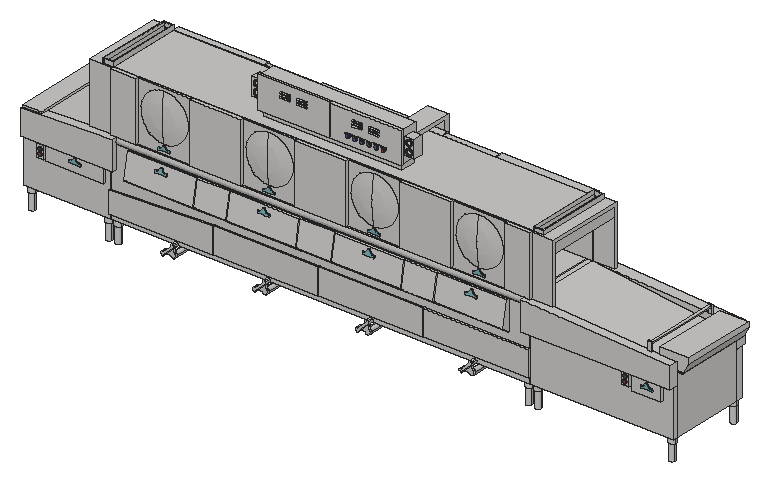
Revit family (continued)
Automatic sketch dimensions
  Extrusion 123 sketch curve to plane 91 "Drain CL" = 0' - 0"
  Sweep 126 sketch curve to plane 94 "Utility to Machine" = 0' - 0"
  Sweep 126 sketch curve to plane 92 "Utilities" = 0' - 0"
  Sweep 126 sketch curve to plane 95 "Utilities Point of Connection" = 0' - 0"
  Sweep 126 sketch curve to plane 12 "Bottom of Machine" = 0' - 0"
  plane 88 "Drain" to Sweep 126 sketch curve = 0' - 0 1/2"
  Sweep 126 sketch curve to Sweep 126 sketch curve = 0' - 0"  (x2)
  Sweep 126 sketch curve to plane 93 "Cold Water" = 0' - 0"
  profile plane to Sweep 126 sketch curve = 0' - 0"
  Sweep 127 sketch curve to plane 94 "Utility to Machine" = 0' - 0"
  Sweep 127 sketch curve to plane 92 "Utilities" = 0' - 0"
  Sweep 127 sketch curve to plane 95 "Utilities Point of Connection" = 0' - 0"
  Sweep 127 sketch curve to plane 12 "Bottom of Machine" = 0' - 0"
  plane 88 "Drain" to Sweep 127 sketch curve = 0' - 0 1/2"
  Sweep 127 sketch curve to Sweep 127 sketch curve = 0' - 0"  (x2)
  Sweep 127 sketch curve to plane 96 "Building Hot Water" = 0' - 0"
  profile plane to Sweep 127 sketch curve = 0' - 0"
  plane 5 "FRONT" to curve 43 = 0' - 0"
  plane 5 "FRONT" to curve 40 = 0' - 0"
  plane 5 "FRONT" to curve 45 = 0' - 0"
  plane 5 "FRONT" to curve 37 = 0' - 0"
  plane 5 "FRONT" to curve 141 = 0' - 0"
  plane 5 "FRONT" to curve 34 = 0' - 0"
  plane 5 "FRONT" to curve 140 = 0' - 0"
  curve 7 to plane 43 = 0' - 0"
  curve 8 to plane 14 "Left of Bottom" = 0' - 0"
  curve 21 to plane 15 "Right of Bottom" = 0' - 0"
  curve 3 to plane 54 = 0' - 0"
  curve 152 to plane 131 = 0' - 0"
  curve 165 to plane 132 = 0' - 0"
  curve 105 to plane 114 = 0' - 0"
  curve 127 to plane 123 = 0' - 0"
  curve 65 to plane 101 = 0' - 0"
  curve 108 to plane 113 = 0' - 0"
  curve 124 to plane 124 = 0' - 0"
  curve 146 to plane 102 = 0' - 0"
  curve 11 to plane 46 = 0' - 0"
  plane 22 "Front of Main Body" to curve 8 = 0' - 0"
  curve 35 to plane 146 = 0' - 0"
  curve 159 to plane 126 = 0' - 0"
  curve 129 to plane 117 = 0' - 0"
  curve 155 to plane 129 = 0' - 0"
  curve 147 to plane 125 = 0' - 0"
  curve 154 to plane 128 = 0' - 0"
  curve 111 to plane 110 = 0' - 0"
  curve 47 to plane 26 = 0' - 0"
  curve 48 to plane 27 = 0' - 0"
  curve 130 to plane 120 = 0' - 0"
  curve 100 to plane 107 = 0' - 0"
  curve 101 to plane 108 = 0' - 0"
  curve 131 to plane 121 = 0' - 0"
  curve 132 to plane 118 = 0' - 0"
  curve 71 to plane 99 = 0' - 0"
  curve 69 to plane 98 = 0' - 0"
  curve 16 to plane 8 "Load Vent" = 0' - 0"
  curve 17 to plane 3 "LEFT" = 0' - 0"
  curve 112 to plane 111 = 0' - 0"
  curve 24 to plane 4 "RIGHT" = 0' - 0"
  curve 24 to plane 9 "Unload Vent" = 0' - 0"
  plane 28 "Front of Inside" to curve 27 = 0' - 0"
  plane 28 "Front of Inside" to curve 22 = 0' - 0"
  plane 28 "Front of Inside" to curve 19 = 0' - 0"
  plane 28 "Front of Inside" to curve 95 = 0' - 0"
  plane 28 "Front of Inside" to curve 92 = 0' - 0"
  plane 28 "Front of Inside" to curve 90 = 0' - 0"
  curve 50 to plane 76 = 0' - 0"
  plane 81 "Front of Panel" to curve 50 = 0' - 0"
  curve 52 to plane 75 = 0' - 0"
  plane 80 to curve 52 = 0' - 0"
  curve 61 to plane 78 = 0' - 0"
  plane 86 "Front of LR Panels" to curve 61 = 0' - 0"
  curve 59 to plane 77 = 0' - 0"
  plane 86 "Front of LR Panels" to curve 59 = 0' - 0"
  curve 57 to plane 85 "Right of Control Box" = 0' - 0"
  plane 87 to curve 57 = 0' - 0"
  curve 60 to plane 84 = 0' - 0"
  plane 87 to curve 60 = 0' - 0"
  plane 79 "Back of Elec Box" to curve 55 = 0' - 0"
  plane 29 "Back of Inside" to curve 29 = 0' - 0"
  plane 29 "Back of Inside" to curve 13 = 0' - 0"
  plane 29 "Back of Inside" to curve 94 = 0' - 0"
  plane 29 "Back of Inside" to curve 91 = 0' - 0"
  plane 29 "Back of Inside" to curve 90 = 0' - 0"
  plane 29 "Back of Inside" to curve 89 = 0' - 0"
  plane 29 "Back of Inside" to curve 20 = 0' - 0"
  curve 170 to plane 136 = 0' - 0"
  curve 167 to plane 134 = 0' - 0"
  curve 167 to plane 133 = 0' - 0"
  curve 169 to plane 135 = 0' - 0"
  curve 5 to plane 15 "Right of Bottom" = 0' - 0"
  plane 21 "Back of Main Body" to curve 5 = 0' - 0"
  plane 21 "Back of Main Body" to curve 2 = 0' - 0"
  curve 76 to plane 14 "Left of Bottom" = 0' - 0"
  plane 1 "BACK" to curve 173 = 0' - 0"
  curve 86 to plane 57 = 0' - 0"
  curve 90 to plane 56 = 0' - 0"
  curve 89 to plane 58 = 0' - 0"
  curve 27 to plane 41 = 0' - 0"
  curve 141 to plane 142 = 0' - 0"
  curve 137 to plane 121 = 0' - 0"
  curve 135 to plane 120 = 0' - 0"
  curve 142 to plane 141 = 0' - 0"
  curve 139 to plane 147 = 0' - 0"
  curve 140 to plane 145 = 0' - 0"
  curve 32 to plane 140 = 0' - 0"
  curve 118 to plane 111 = 0' - 0"
  curve 116 to plane 110 = 0' - 0"
  curve 33 to plane 139 = 0' - 0"
  curve 37 to plane 144 = 0' - 0"
  curve 38 to plane 138 = 0' - 0"
  curve 75 to plane 99 = 0' - 0"
  curve 73 to plane 98 = 0' - 0"
  curve 39 to plane 137 = 0' - 0"
  curve 42 to plane 143 = 0' - 0"
  curve 43 to plane 32 = 0' - 0"
  curve 45 to plane 31 = 0' - 0"
  curve 162 to plane 129 = 0' - 0"
  curve 160 to plane 128 = 0' - 0"
  curve 45 to plane 30 = 0' - 0"
  curve 20 to plane 40 = 0' - 0"
  curve 94 to plane 44 = 0' - 0"
  curve 7 to plane 5 "FRONT" = 0' - 1"
  curve 21 to plane 5 "FRONT" = 0' - 1"
  plane 131 to curve 152 = 0' - 0 3/8"
  curve 152 to curve 151 = 0' - 1 1/8"
  curve 165 to plane 132 = 0' - 0 3/8"
  curve 165 to curve 163 = 0' - 1 1/8"
  curve 103 to plane 114 = 0' - 0 3/8"
  curve 103 to curve 103 = 0' - 1 1/8"
  curve 127 to plane 123 = 0' - 0 3/8"
  curve 127 to curve 125 = 0' - 1 1/8"
  curve 144 to plane 102 = 0' - 0 3/8"
  curve 144 to curve 144 = 0' - 1 1/8"
  curve 106 to plane 113 = 0' - 0 3/8"
  curve 106 to curve 106 = 0' - 1 1/8"
  curve 65 to plane 101 = 0' - 0 3/8"
  curve 65 to curve 63 = 0' - 1 1/8"
  curve 122 to plane 124 = 0' - 0 3/8"
  curve 122 to curve 122 = 0' - 1 1/8"
  curve 11 to curve 9 = 0' - 0 7/8"
  curve 35 to plane 22 "Front of Main Body" = 0' - 0.06488"
  curve 159 to plane 22 "Front of Main Body" = 0' - 0 3/4"
  curve 129 to plane 22 "Front of Main Body" = 0' - 0 3/4"
  curve 111 to plane 22 "Front of Main Body" = 0' - 0 3/4"
  curve 47 to plane 22 "Front of Main Body" = 0' - 0 3/4"
  curve 16 to plane 22 "Front of Main Body" = 0' - 0 3/4"
  curve 24 to plane 22 "Front of Main Body" = 0' - 0 3/4"
  curve 79 to curve 79 = 0' - 0 1/2"
  curve 81 to plane 29 "Back of Inside" = 0' - 0 1/2"
  curve 15 to plane 29 "Back of Inside" = 0' - 1"
  curve 30 to plane 29 "Back of Inside" = 0' - 1"
  curve 170 to curve 171 = 0' - 1"
  curve 167 to curve 168 = 0' - 1"
  curve 12 to curve 2 = 0' - 0 3/8"
  curve 99 to curve 3 = 0' - 1 1/2"
  plane 1 "BACK" to curve 6 = 0' - 1 1/2"
  plane 59 to curve 81 = 0' - 0 3/4"
  plane 59 to curve 79 = 0' - 0 3/4"
  curve 79 to curve 80 = 0' - 0 1/4"
  curve 84 to plane 59 = 0' - 0 1/2"
  curve 84 to curve 83 = 0' - 0 1/4"
  curve 84 to curve 78 = 0' - 0 1/4"
  plane 111 to curve 174 = 0' - 0 7/16"
  plane 109 to curve 173 = 0' - 3"
  Extrusion 175 sketch curve to plane 22 "Front of Main Body" = 0' - 0 3/4"
  Extrusion 176 sketch curve to plane 22 "Front of Main Body" = 0' - 0 3/4"
  Extrusion 177 sketch curve to plane 26 = 0' - 0"
  plane 22 "Front of Main Body" to Extrusion 177 sketch curve = 0' - 0 1/4"
  Extrusion 178 sketch curve to plane 26 = 0' - 0"
  plane 22 "Front of Main Body" to Extrusion 178 sketch curve = 0' - 0 1/4"
  Sweep 179 sketch curve to plane 22 "Front of Main Body" = 0' - 0"  (x2)
  plane 22 "Front of Main Body" to Sweep 179 sketch curve = 0' - 0 5/8"  (x2)
  Sweep 179 sketch curve to Sweep 179 sketch curve = 0' - 0 1/2"
  plane 13 "Middle of Machine" to Sweep 179 sketch curve = 0' - 7 3/16"
  Sweep 179 sketch curve to plane 37 = 0' - 3 11/16"
  Sweep 179 sketch curve to plane 102 = 0' - 0"
  Sweep 179 sketch curve to profile plane = 0' - 0"
  Extrusion 180 sketch curve to plane 27 = 0' - 0"
  plane 22 "Front of Main Body" to Extrusion 180 sketch curve = 0' - 0 1/4"
  Extrusion 181 sketch curve to plane 27 = 0' - 0"
  plane 22 "Front of Main Body" to Extrusion 181 sketch curve = 0' - 0 1/4"
  Sweep 182 sketch curve to plane 22 "Front of Main Body" = 0' - 0"  (x2)
  plane 22 "Front of Main Body" to Sweep 182 sketch curve = 0' - 0 5/8"  (x2)
  Sweep 182 sketch curve to Sweep 182 sketch curve = 0' - 0 1/2"
  plane 13 "Middle of Machine" to Sweep 182 sketch curve = 0' - 7 3/16"
  Sweep 182 sketch curve to plane 37 = 0' - 3 11/16"
  Sweep 182 sketch curve to plane 101 = 0' - 0"
  Sweep 182 sketch curve to profile plane = 0' - 0"
  Extrusion 183 sketch curve to plane 22 "Front of Main Body" = 0' - 0 3/4"
  Sweep 184 sketch curve to plane 94 "Utility to Machine" = 0' - 0"
  Sweep 184 sketch curve to plane 92 "Utilities" = 0' - 0"
  Sweep 184 sketch curve to plane 95 "Utilities Point of Connection" = 0' - 0"
  Sweep 184 sketch curve to plane 12 "Bottom of Machine" = 0' - 0"
  plane 88 "Drain" to Sweep 184 sketch curve = 0' - 0 1/2"
  plane 28 "Front of Inside" to Extrusion 185 sketch curve = 0' - 0"
  Extrusion 185 sketch curve to plane 22 "Front of Main Body" = 0' - 0 3/4"
  plane 5 "FRONT" to Revolve 186 sketch curve = 0' - 8"
  plane 22 "Front of Main Body" to Revolve 186 sketch curve = 0' - 0 1/4"
  Revolve 186 sketch curve to plane 22 "Front of Main Body" = 0' - 0 3/4"
  plane 87 to Revolve 186 sketch curve = 0' - 1 1/4"
  Revolve 186 sketch curve to plane 1 "BACK" = 0' - 8.74935"
  Revolve 186 sketch curve to plane 37 = 0' - 5.75174"  (x2)
  Revolve 186 sketch curve to plane 37 = 0' - 5.50167"
  plane 22 "Front of Main Body" to Extrusion 187 sketch curve = 0' - 0"
  Extrusion 187 sketch curve to plane 22 "Front of Main Body" = 0' - 0 3/4"
  plane 22 "Front of Main Body" to Extrusion 188 sketch curve = 0' - 0"
  Extrusion 188 sketch curve to plane 22 "Front of Main Body" = 0' - 0 3/4"
  Extrusion 189 sketch curve to plane 107 = 0' - 0"
  plane 22 "Front of Main Body" to Extrusion 189 sketch curve = 0' - 0 1/4"
  Extrusion 190 sketch curve to plane 107 = 0' - 0"
  plane 22 "Front of Main Body" to Extrusion 190 sketch curve = 0' - 0 1/4"
  Extrusion 191 sketch curve to plane 108 = 0' - 0"
  plane 22 "Front of Main Body" to Extrusion 191 sketch curve = 0' - 0 1/4"
  Extrusion 192 sketch curve to plane 108 = 0' - 0"
  plane 22 "Front of Main Body" to Extrusion 192 sketch curve = 0' - 0 1/4"
  Sweep 193 sketch curve to plane 22 "Front of Main Body" = 0' - 0"  (x2)
  plane 22 "Front of Main Body" to Sweep 193 sketch curve = 0' - 0 5/8"  (x2)
  Sweep 193 sketch curve to Sweep 193 sketch curve = 0' - 0 1/2"
  plane 13 "Middle of Machine" to Sweep 193 sketch curve = 0' - 7 3/16"
  Sweep 193 sketch curve to plane 37 = 0' - 3 11/16"
  Sweep 193 sketch curve to plane 114 = 0' - 0"
  Sweep 193 sketch curve to profile plane = 0' - 0"
  Sweep 194 sketch curve to plane 22 "Front of Main Body" = 0' - 0"  (x2)
  plane 22 "Front of Main Body" to Sweep 194 sketch curve = 0' - 0 5/8"  (x2)
  Sweep 194 sketch curve to Sweep 194 sketch curve = 0' - 0 1/2"
  plane 13 "Middle of Machine" to Sweep 194 sketch curve = 0' - 7 3/16"
  Sweep 194 sketch curve to plane 37 = 0' - 3 11/16"
  Sweep 194 sketch curve to plane 113 = 0' - 0"
  Sweep 194 sketch curve to profile plane = 0' - 0"
  plane 22 "Front of Main Body" to Extrusion 195 sketch curve = 0' - 0"
  Extrusion 195 sketch curve to plane 22 "Front of Main Body" = 0' - 0 3/4"
  Extrusion 196 sketch curve to plane 20 = 0' - 0"
  Extrusion 196 sketch curve to plane 19 = 0' - 0"
  plane 28 "Front of Inside" to Extrusion 197 sketch curve = 0' - 0"
  Extrusion 197 sketch curve to plane 22 "Front of Main Body" = 0' - 0 3/4"
  plane 5 "FRONT" to Revolve 198 sketch curve = 0' - 8"
  plane 22 "Front of Main Body" to Revolve 198 sketch curve = 0' - 0 1/4"
  Revolve 198 sketch curve to plane 22 "Front of Main Body" = 0' - 0 3/4"
  plane 87 to Revolve 198 sketch curve = 0' - 1 1/4"
  Revolve 198 sketch curve to plane 1 "BACK" = 0' - 8.74935"
  Revolve 198 sketch curve to plane 37 = 0' - 5.75174"  (x2)
  Revolve 198 sketch curve to plane 37 = 0' - 5.50167"
  plane 22 "Front of Main Body" to Extrusion 199 sketch curve = 0' - 0"
  Extrusion 199 sketch curve to plane 22 "Front of Main Body" = 0' - 0 3/4"
  plane 22 "Front of Main Body" to Extrusion 200 sketch curve = 0' - 0"
  Extrusion 200 sketch curve to plane 22 "Front of Main Body" = 0' - 0 3/4"
  Extrusion 201 sketch curve to plane 117 = 0' - 0"
  plane 22 "Front of Main Body" to Extrusion 201 sketch curve = 0' - 0 1/4"
  Extrusion 202 sketch curve to plane 117 = 0' - 0"
  plane 22 "Front of Main Body" to Extrusion 202 sketch curve = 0' - 0 1/4"
  Extrusion 203 sketch curve to plane 118 = 0' - 0"
  plane 22 "Front of Main Body" to Extrusion 203 sketch curve = 0' - 0 1/4"
  Extrusion 204 sketch curve to plane 118 = 0' - 0"
  plane 22 "Front of Main Body" to Extrusion 204 sketch curve = 0' - 0 1/4"
  Sweep 205 sketch curve to plane 22 "Front of Main Body" = 0' - 0"  (x2)
  plane 22 "Front of Main Body" to Sweep 205 sketch curve = 0' - 0 5/8"  (x2)
  Sweep 205 sketch curve to Sweep 205 sketch curve = 0' - 0 1/2"
  plane 13 "Middle of Machine" to Sweep 205 sketch curve = 0' - 7 3/16"
  Sweep 205 sketch curve to plane 37 = 0' - 3 11/16"
  Sweep 205 sketch curve to plane 124 = 0' - 0"
  Sweep 205 sketch curve to profile plane = 0' - 0"
  Sweep 206 sketch curve to plane 22 "Front of Main Body" = 0' - 0"  (x2)
  plane 22 "Front of Main Body" to Sweep 206 sketch curve = 0' - 0 5/8"  (x2)
  Sweep 206 sketch curve to Sweep 206 sketch curve = 0' - 0 1/2"
  plane 13 "Middle of Machine" to Sweep 206 sketch curve = 0' - 7 3/16"
  Sweep 206 sketch curve to plane 37 = 0' - 3 11/16"
  Sweep 206 sketch curve to plane 123 = 0' - 0"
  Sweep 206 sketch curve to profile plane = 0' - 0"
  plane 22 "Front of Main Body" to Extrusion 207 sketch curve = 0' - 0"
  Extrusion 207 sketch curve to plane 22 "Front of Main Body" = 0' - 0 3/4"
  plane 22 "Front of Main Body" to Extrusion 208 sketch curve = 0' - 0"
  plane 28 "Front of Inside" to Extrusion 208 sketch curve = 0' - 0"
  Extrusion 219 sketch curve to plane 24 = 0' - 0"
  plane 24 to Extrusion 219 sketch curve = 0' - 0.00035"
  plane 99 to Extrusion 219 sketch curve = 0' - 0.35719"
  plane 99 to Extrusion 219 sketch curve = 0' - 0.54876"
  plane 101 to Extrusion 219 sketch curve = 0' - 0.50556"
  plane 101 to Extrusion 219 sketch curve = 0' - 0.8056"
  Extrusion 219 sketch curve to Extrusion 219 sketch curve = 0' - 0.00341"  (x2)
  Extrusion 219 sketch curve to Extrusion 219 sketch curve = 0' - 0.25142"  (x2)
  Extrusion 219 sketch curve to plane 98 = 0' - 0.36211"
  Extrusion 219 sketch curve to Extrusion 219 sketch curve = 0' - 0"
  Extrusion 219 sketch curve to plane 98 = 0' - 0.54876"
  Extrusion 219 sketch curve to plane 102 = 0' - 0.50556"
  Extrusion 219 sketch curve to plane 102 = 0' - 0.8056"
  plane 47 to Extrusion 219 sketch curve = 0' - 1.17016"
  plane 13 "Middle of Machine" to Extrusion 219 sketch curve = 0' - 0.94635"  (x2)
  plane 13 "Middle of Machine" to Extrusion 219 sketch curve = 0' - 1.02958"
  Extrusion 219 sketch curve to Extrusion 219 sketch curve = 0' - 0.48493"  (x2)
  Extrusion 219 sketch curve to Extrusion 219 sketch curve = 0' - 1.96861"
  plane 28 "Front of Inside" to Extrusion 220 sketch curve = 0' - 0"
  Extrusion 220 sketch curve to plane 22 "Front of Main Body" = 0' - 0 3/4"
  plane 5 "FRONT" to Revolve 221 sketch curve = 0' - 8"
  plane 22 "Front of Main Body" to Revolve 221 sketch curve = 0' - 0 1/4"
  Revolve 221 sketch curve to plane 22 "Front of Main Body" = 0' - 0 3/4"
  plane 87 to Revolve 221 sketch curve = 0' - 1 1/4"
  Revolve 221 sketch curve to plane 1 "BACK" = 0' - 8.74935"
  Revolve 221 sketch curve to plane 37 = 0' - 5.75174"  (x2)
  Revolve 221 sketch curve to plane 37 = 0' - 5.50167"
  plane 22 "Front of Main Body" to Extrusion 222 sketch curve = 0' - 0"
  Extrusion 222 sketch curve to plane 22 "Front of Main Body" = 0' - 0 3/4"
  plane 22 "Front of Main Body" to Extrusion 223 sketch curve = 0' - 0"
  Extrusion 223 sketch curve to plane 22 "Front of Main Body" = 0' - 0 3/4"
  Extrusion 224 sketch curve to plane 125 = 0' - 0"
  plane 22 "Front of Main Body" to Extrusion 224 sketch curve = 0' - 0 1/4"
  Extrusion 225 sketch curve to plane 125 = 0' - 0"
  plane 22 "Front of Main Body" to Extrusion 225 sketch curve = 0' - 0 1/4"
  Sweep 226 sketch curve to plane 22 "Front of Main Body" = 0' - 0"  (x2)
  plane 22 "Front of Main Body" to Sweep 226 sketch curve = 0' - 0 5/8"  (x2)
  Sweep 226 sketch curve to Sweep 226 sketch curve = 0' - 0 1/2"
  plane 13 "Middle of Machine" to Sweep 226 sketch curve = 0' - 7 3/16"
  Sweep 226 sketch curve to plane 37 = 0' - 3 11/16"
  Sweep 226 sketch curve to plane 132 = 0' - 0"
  Sweep 226 sketch curve to profile plane = 0' - 0"
  Extrusion 227 sketch curve to plane 126 = 0' - 0"
  plane 22 "Front of Main Body" to Extrusion 227 sketch curve = 0' - 0 1/4"
  Extrusion 228 sketch curve to plane 126 = 0' - 0"
  plane 22 "Front of Main Body" to Extrusion 228 sketch curve = 0' - 0 1/4"
  Sweep 229 sketch curve to plane 22 "Front of Main Body" = 0' - 0"  (x2)
  plane 22 "Front of Main Body" to Sweep 229 sketch curve = 0' - 0 5/8"  (x2)
  Sweep 229 sketch curve to Sweep 229 sketch curve = 0' - 0 1/2"
  plane 13 "Middle of Machine" to Sweep 229 sketch curve = 0' - 7 3/16"
  Sweep 229 sketch curve to plane 37 = 0' - 3 11/16"
  Sweep 229 sketch curve to plane 131 = 0' - 0"
  Sweep 229 sketch curve to profile plane = 0' - 0"
  plane 22 "Front of Main Body" to Extrusion 230 sketch curve = 0' - 0"
  Extrusion 230 sketch curve to plane 22 "Front of Main Body" = 0' - 0 3/4"
  Extrusion 231 sketch curve to plane 23 = 0' - 0"
  plane 23 to Extrusion 231 sketch curve = 0' - 0.00035"
  plane 129 to Extrusion 231 sketch curve = 0' - 0.35719"
  plane 129 to Extrusion 231 sketch curve = 0' - 0.54876"
  plane 131 to Extrusion 231 sketch curve = 0' - 0.50556"
  plane 131 to Extrusion 231 sketch curve = 0' - 0.8056"
  Extrusion 231 sketch curve to Extrusion 231 sketch curve = 0' - 0.00341"  (x2)
  Extrusion 231 sketch curve to Extrusion 231 sketch curve = 0' - 0.25142"  (x2)
  Extrusion 231 sketch curve to plane 128 = 0' - 0.36211"
  Extrusion 231 sketch curve to Extrusion 231 sketch curve = 0' - 0"
  Extrusion 231 sketch curve to plane 128 = 0' - 0.54876"
  Extrusion 231 sketch curve to plane 132 = 0' - 0.50556"
  Extrusion 231 sketch curve to plane 132 = 0' - 0.8056"
  plane 47 to Extrusion 231 sketch curve = 0' - 1.17016"
  plane 13 "Middle of Machine" to Extrusion 231 sketch curve = 0' - 0.94635"  (x2)
  plane 13 "Middle of Machine" to Extrusion 231 sketch curve = 0' - 1.02958"
  Extrusion 231 sketch curve to Extrusion 231 sketch curve = 0' - 0.48493"  (x2)
  Extrusion 231 sketch curve to Extrusion 231 sketch curve = 0' - 1.96861"
  Extrusion 232 sketch curve to plane 105 = 0' - 0"
  plane 105 to Extrusion 232 sketch curve = 0' - 0.00035"
  plane 111 to Extrusion 232 sketch curve = 0' - 0.35719"
  plane 111 to Extrusion 232 sketch curve = 0' - 0.54876"
  plane 113 to Extrusion 232 sketch curve = 0' - 0.50556"
  Extrusion 232 sketch curve to plane 135 = 0' - 0.5069"
  Extrusion 232 sketch curve to plane 135 = 0' - 0.50349"
  Extrusion 232 sketch curve to Extrusion 232 sketch curve = 0' - 0.25142"  (x2)
  Extrusion 232 sketch curve to plane 110 = 0' - 0.36211"
  Extrusion 232 sketch curve to Extrusion 232 sketch curve = 0' - 0"
  Extrusion 232 sketch curve to plane 110 = 0' - 0.54876"
  Extrusion 232 sketch curve to plane 114 = 0' - 0.50556"
  Extrusion 232 sketch curve to plane 114 = 0' - 0.8056"
  Extrusion 232 sketch curve to Extrusion 232 sketch curve = 0' - 0.00341"
  plane 47 to Extrusion 232 sketch curve = 0' - 1.17016"
  plane 13 "Middle of Machine" to Extrusion 232 sketch curve = 0' - 0.94635"  (x2)
  plane 13 "Middle of Machine" to Extrusion 232 sketch curve = 0' - 1.02958"
  Extrusion 232 sketch curve to Extrusion 232 sketch curve = 0' - 0.48493"  (x2)
  Extrusion 232 sketch curve to Extrusion 232 sketch curve = 0' - 1.96861"
  plane 29 "Back of Inside" to Extrusion 233 sketch curve = 0' - 0"
  plane 21 "Back of Main Body" to Extrusion 233 sketch curve = 0' - 1"
  Revolve 234 sketch curve to plane 21 "Back of Main Body" = 0' - 0"
  Revolve 234 sketch curve to plane 1 "BACK" = 0' - 7 3/4"
  Revolve 234 sketch curve to Revolve 234 sketch curve = 0' - 1"
  Revolve 234 sketch curve to plane 94 "Utility to Machine" = 0' - 4"
  plane 5 "FRONT" to Revolve 234 sketch curve = 0' - 8.99935"
  Revolve 234 sketch curve to plane 10 "Top of Machine" = 0' - 1.00174"
  Revolve 234 sketch curve to Revolve 234 sketch curve = 0' - 9.74993"
  Revolve 234 sketch curve to plane 37 = 0' - 5.75174"
  plane 29 "Back of Inside" to Extrusion 235 sketch curve = 0' - 0"
  plane 21 "Back of Main Body" to Extrusion 235 sketch curve = 0' - 1"
  Revolve 236 sketch curve to plane 21 "Back of Main Body" = 0' - 0"
  Revolve 236 sketch curve to plane 1 "BACK" = 0' - 7 3/4"
  Revolve 236 sketch curve to Revolve 236 sketch curve = 0' - 1"
  Revolve 236 sketch curve to plane 94 "Utility to Machine" = 0' - 4"
  plane 5 "FRONT" to Revolve 236 sketch curve = 0' - 8.99935"
  Revolve 236 sketch curve to plane 10 "Top of Machine" = 0' - 1.00174"
  Revolve 236 sketch curve to Revolve 236 sketch curve = 0' - 9.74993"
  Revolve 236 sketch curve to plane 37 = 0' - 5.75174"
  Extrusion 237 sketch curve to plane 68 = 0' - 0"
  Extrusion 237 sketch curve to plane 79 "Back of Elec Box" = 0' - 0"
  Extrusion 237 sketch curve to plane 21 "Back of Main Body" = 0' - 0"
  Extrusion 237 sketch curve to plane 1 "BACK" = 0' - 0"
  Extrusion 237 sketch curve to plane 21 "Back of Main Body" = 0' - 1 1/4"
  Extrusion 237 sketch curve to plane 49 = 0' - 3 3/4"
  Extrusion 237 sketch curve to Extrusion 237 sketch curve = 0' - 1 3/4"
  Extrusion 237 sketch curve to plane 69 = 0' - 1 1/8"
  plane 29 "Back of Inside" to Extrusion 238 sketch curve = 0' - 0"
  plane 21 "Back of Main Body" to Extrusion 238 sketch curve = 0' - 0"
  Extrusion 238 sketch curve to plane 135 = 0' - 0"
  Extrusion 238 sketch curve to plane 134 = 0' - 0"
  plane 106 to Extrusion 239 sketch curve = 0' - 0"
  Extrusion 239 sketch curve to plane 106 = 0' - 0.00035"
  plane 121 to Extrusion 239 sketch curve = 0' - 0.35719"
  plane 121 to Extrusion 239 sketch curve = 0' - 0.54876"
  plane 123 to Extrusion 239 sketch curve = 0' - 0.50556"
  plane 123 to Extrusion 239 sketch curve = 0' - 0.8056"
  Extrusion 239 sketch curve to Extrusion 239 sketch curve = 0' - 0.00341"  (x2)
  Extrusion 239 sketch curve to Extrusion 239 sketch curve = 0' - 0.25142"  (x2)
  Extrusion 239 sketch curve to plane 120 = 0' - 0.36211"
  Extrusion 239 sketch curve to Extrusion 239 sketch curve = 0' - 0"
  Extrusion 239 sketch curve to plane 120 = 0' - 0.54876"
  Extrusion 239 sketch curve to plane 124 = 0' - 0.50556"
  Extrusion 239 sketch curve to plane 124 = 0' - 0.8056"
  plane 47 to Extrusion 239 sketch curve = 0' - 1.17016"
  plane 13 "Middle of Machine" to Extrusion 239 sketch curve = 0' - 0.94635"  (x2)
  plane 13 "Middle of Machine" to Extrusion 239 sketch curve = 0' - 1.02958"
  Extrusion 239 sketch curve to Extrusion 239 sketch curve = 0' - 0.48493"  (x2)
  Extrusion 239 sketch curve to Extrusion 239 sketch curve = 0' - 1.96861"
  Sweep 240 sketch curve to plane 94 "Utility to Machine" = 0' - 0"
  Sweep 240 sketch curve to plane 92 "Utilities" = 0' - 0"
  Sweep 240 sketch curve to plane 95 "Utilities Point of Connection" = 0' - 0"
  Sweep 240 sketch curve to plane 12 "Bottom of Machine" = 0' - 0"
  plane 88 "Drain" to Sweep 240 sketch curve = 0' - 0 1/2"
  Sweep 240 sketch curve to Sweep 240 sketch curve = 0' - 0"  (x2)
  Sweep 240 sketch curve to plane 148 = 0' - 0"
  profile plane to Sweep 240 sketch curve = 0' - 0"
  Sweep 184 sketch curve to plane 104 = 0' - 0"
  profile plane to Sweep 184 sketch curve = 0' - 0"
  Sweep 184 sketch curve to Sweep 184 sketch curve = 0' - 0"  (x2)
  radius of Extrusion 95 sketch curve = 0' - 1 1/4"
  radius of Extrusion 95 sketch curve = 0' - 1"
  radius of Extrusion 98 sketch curve = 0' - 0 5/8"
  radius of Extrusion 99 sketch curve = 0' - 0 5/8"
  radius of Extrusion 100 sketch curve = 0' - 0 5/8"
  radius of Extrusion 101 sketch curve = 0' - 0 5/8"
  radius of Extrusion 103 sketch curve = 0' - 1 1/4"
  radius of Extrusion 103 sketch curve = 0' - 1"
  radius of Extrusion 105 sketch curve = 0' - 1 1/4"
  radius of Extrusion 105 sketch curve = 0' - 1"
  radius of Extrusion 107 sketch curve = 0' - 1 1/4"
  radius of Extrusion 107 sketch curve = 0' - 1"
  radius of Extrusion 109 sketch curve = 0' - 0 5/8"
  radius of Extrusion 110 sketch curve = 0' - 0 5/8"
  radius of Extrusion 129 sketch curve = 0' - 1"
  radius of Extrusion 129 sketch curve = 0' - 1 1/8"
  radius of Extrusion 130 sketch curve = 0' - 1"
  radius of Extrusion 130 sketch curve = 0' - 1 1/8"
  radius of Extrusion 134 sketch curve = 0' - 1"
  radius of Extrusion 134 sketch curve = 0' - 1 1/8"
  radius of Extrusion 138 sketch curve = 0' - 1 1/4"
  radius of Extrusion 138 sketch curve = 0' - 1"
  radius of Extrusion 141 sketch curve = 0' - 0 5/8"
  radius of Extrusion 142 sketch curve = 0' - 0 5/8"
  radius of Extrusion 143 sketch curve = 0' - 0 5/8"
  radius of Extrusion 144 sketch curve = 0' - 0 5/8"
  radius of Extrusion 146 sketch curve = 0' - 1 1/4"
  radius of Extrusion 146 sketch curve = 0' - 1"
  radius of Extrusion 148 sketch curve = 0' - 1 1/4"
  radius of Extrusion 148 sketch curve = 0' - 1"
  radius of Extrusion 150 sketch curve = 0' - 1 1/4"
  radius of Extrusion 150 sketch curve = 0' - 1"
  radius of Extrusion 152 sketch curve = 0' - 0 5/8"
  radius of Extrusion 153 sketch curve = 0' - 0 5/8"
  radius of Extrusion 166 sketch curve = 0' - 1"
  radius of Extrusion 166 sketch curve = 0' - 1 1/8"
  radius of Extrusion 167 sketch curve = 0' - 1"
  radius of Extrusion 167 sketch curve = 0' - 1 1/8"
  radius of Extrusion 171 sketch curve = 0' - 1"
  radius of Extrusion 171 sketch curve = 0' - 1 1/8"
  radius of Extrusion 213 sketch curve = 0' - 1"
  radius of Extrusion 213 sketch curve = 0' - 1 1/8"
  radius of Extrusion 47 sketch curve = 0' - 0 3/4"
  radius of Extrusion 48 sketch curve = 0' - 0 3/4"
  radius of Extrusion 59 sketch curve = 0' - 0 1/2"
  radius of Extrusion 63 sketch curve = 0' - 0 3/4"
  radius of Extrusion 64 sketch curve = 0' - 0 3/4"
  radius of Extrusion 65 sketch curve = 0' - 1 3/16"
  radius of Extrusion 66 sketch curve = 0' - 1 7/16"
  radius of Extrusion 67 sketch curve = 0' - 1 3/16"
  radius of Extrusion 68 sketch curve = 0' - 1 7/16"
  radius of Extrusion 69 sketch curve = 0' - 1 3/16"
  radius of Extrusion 70 sketch curve = 0' - 1 7/16"
  radius of Extrusion 71 sketch curve = 0' - 1 3/16"
  radius of Extrusion 72 sketch curve = 0' - 1 7/16"
  radius of Extrusion 73 sketch curve = 0' - 1 3/16"
  radius of Extrusion 74 sketch curve = 0' - 1 7/16"
  radius of Extrusion 75 sketch curve = 0' - 1 3/16"
  radius of Extrusion 76 sketch curve = 0' - 1 7/16"
  radius of Extrusion 77 sketch curve = 0' - 1 3/16"
  radius of Extrusion 78 sketch curve = 0' - 1 7/16"
  radius of Extrusion 79 sketch curve = 0' - 1 3/16"
  radius of Extrusion 80 sketch curve = 0' - 1 7/16"
  radius of Extrusion 81 sketch curve = 0' - 1 3/16"
  radius of Extrusion 82 sketch curve = 0' - 1 7/16"
  radius of Extrusion 83 sketch curve = 0' - 1 3/16"
  radius of Extrusion 84 sketch curve = 0' - 1 7/16"
  radius of Extrusion 85 sketch curve = 0' - 1 3/16"
  radius of Extrusion 86 sketch curve = 0' - 1 7/16"
  radius of Extrusion 87 sketch curve = 0' - 1 3/16"
  radius of Extrusion 88 sketch curve = 0' - 1 7/16"
  radius of Extrusion 123 sketch curve = 0' - 1"
  radius of Extrusion 123 sketch curve = 0' - 1 1/8"
  radius of Sweep 126 sketch curve = 0' - 0 3/8"
  radius of Sweep 126 sketch curve = 0' - 0 1/2"
  radius of Sweep 127 sketch curve = 0' - 0 1/2"
  radius of Sweep 127 sketch curve = 0' - 0 5/8"
  radius of Extrusion 128 sketch curve = 0' - 0 1/2"
  radius of Extrusion 177 sketch curve = 0' - 0 1/4"
  radius of Extrusion 178 sketch curve = 0' - 0 1/4"
  radius of Sweep 179 sketch curve = 0' - 0 3/8"
  radius of Extrusion 180 sketch curve = 0' - 0 1/4"
  radius of Extrusion 181 sketch curve = 0' - 0 1/4"
  radius of Sweep 182 sketch curve = 0' - 0 3/8"
  radius of Sweep 184 sketch curve = 0' - 1"
  radius of Extrusion 189 sketch curve = 0' - 0 1/4"
  radius of Extrusion 190 sketch curve = 0' - 0 1/4"
  radius of Extrusion 191 sketch curve = 0' - 0 1/4"
  radius of Extrusion 192 sketch curve = 0' - 0 1/4"
  radius of Sweep 193 sketch curve = 0' - 0 3/8"
  radius of Sweep 194 sketch curve = 0' - 0 3/8"
  radius of Extrusion 201 sketch curve = 0' - 0 1/4"
  radius of Extrusion 202 sketch curve = 0' - 0 1/4"
  radius of Extrusion 203 sketch curve = 0' - 0 1/4"
  radius of Extrusion 204 sketch curve = 0' - 0 1/4"
  radius of Sweep 205 sketch curve = 0' - 0 3/8"
  radius of Sweep 206 sketch curve = 0' - 0 3/8"
  radius of Extrusion 224 sketch curve = 0' - 0 1/4"
  radius of Extrusion 225 sketch curve = 0' - 0 1/4"
  radius of Sweep 226 sketch curve = 0' - 0 3/8"
  radius of Extrusion 227 sketch curve = 0' - 0 1/4"
  radius of Extrusion 228 sketch curve = 0' - 0 1/4"
  radius of Sweep 229 sketch curve = 0' - 0 3/8"
  radius of Sweep 240 sketch curve = 0' - 0 3/8"
  radius of Sweep 240 sketch curve = 0' - 0 1/2"
  radius of Sweep 184 sketch curve = 0' - 1 1/8"
Nested families (in)
  nested 1: "QF_Stero_STPCW-ER_176_S_EX" at (154.84638, -6, 0), Ventilation Remarks <- "Unload Ventilation Remarks", Exhaust Volume <- "Unload Exhaust Volume", Exhaust Vent Width <- "Unload Exhaust Vent Width", Exhaust Vent Depth <- "Unload Exhaust Vent Depth", Exhaust Static Press <- "Unload Exhaust Static Press", Exhaust RI Height <- "Unload Exhaust RI Height", Item Number <- "Unload Exhaust Item Number", type "Nested"
    with Ventilation Remarks "", Item Number "-", Exhaust Volume 1000 CFM, Exhaust Vent Width 0' - 4", Exhaust Vent Depth 2' - 7 1/4", Exhaust Static Press 0.00 in-wg, Exhaust RI Height 0' - 0"
  nested 2: "QF_Stero_STPCW-ER_176_S_HW2" at (184.72138, -16.75, 0), visible <- "No Booster Heater", Plumbing Remarks <- "Boosted Plumbing Remarks", Hot Water Temperature <- "Boosted Hot Water Temperature", Hot Water Size <- "Boosted Hot Water Size", Hot Water RI Height <- "Boosted Hot Water RI Height", Hot Water Minimum Pressure <- "Boosted Hot Water Minimum Pressure", Hot Water Maximum Pressure <- "Boosted Hot Water Maximum Pressure", Hot Water Flow <- "Boosted Hot Water Flow", Hot Water Consumption <- "Boosted Hot Water Consumption", Hot Water Connection Height <- "Boosted Hot Water Connection Height", Item Number <- "Boosted HW Item Number", type "Nested"
    with Plumbing Remarks "", Item Number "-", Hot Water Temperature 180 °F, Hot Water Size Radius 3/8", Hot Water Size 3/4", Hot Water RI Height 0' - 0", Hot Water Minimum Pressure 20.00 psi, Hot Water Maximum Pressure 20.00 psi, Hot Water Flow 0.00 GPM, Hot Water Consumption 1.63 GPM, Hot Water Connection Height 0' - 6"
Connectors (in)
  hvac at (-23.40362, -21.625, 67.25), driven by "Exhaust Volume", driven by "Exhaust Vent Depth", driven by "Exhaust Vent Width"
    settings: on cut or joined group of Extrusion 21, Extrusion 23, index 1, duct flow 500 CFM, flow factor 0, pres drop 0.00 in-wg, loss coef 0, conn angle 0.00°, conn width 4", conn height 31 1/4", conn radius 12", duct sys type 3, conn prof type 1, flow config 1, flow direction 2, loss method 0, conn ref index -1, conn util no, is conn primary yes, conn desc "Load End Exhaust"
  hvac at (156.84638, -21.625, 67.25), driven by "Unload Exhaust Volume", driven by "Unload Exhaust Vent Depth", driven by "Unload Exhaust Vent Width"
    settings: on cut or joined group of Extrusion 25, Extrusion 27, index 2, duct flow 1000 CFM, flow factor 0, pres drop 0.00 in-wg, loss coef 0, conn angle 0.00°, conn width 4", conn height 31 1/4", conn radius 12", duct sys type 3, conn prof type 1, flow config 1, flow direction 2, loss method 0, conn ref index -1, conn util no, is conn primary no, conn desc "Unload End Exhaust"
  piping at (-39.90362, -20.25, 7), driven by "Indirect Waste Flow"
    settings: on Extrusion 123, index 3, connector radius 1", flow factor 0, pipe flow 0.00 GPM, pressure drop 0.00 psi, fitting loss kfactor 0, connector angle 0.00°, fixture units 0, flow configuration 1, flow direction 2, fitting loss method 0, system type 16, connector reference index -1, connector utility 0, adjustable connector no, is connector primary yes, fitting loss table "", connector description "Load End Indirect Waste"
  piping at (207.72138, -20.25, 7), driven by "Indirect Waste Flow"
    settings: on Extrusion 123, index 4, connector radius 1", flow factor 0, pipe flow 0.00 GPM, pressure drop 0.00 psi, fitting loss kfactor 0, connector angle 0.00°, fixture units 0, flow configuration 1, flow direction 2, fitting loss method 0, system type 16, connector reference index -1, connector utility 0, adjustable connector no, is connector primary no, fitting loss table "", connector description "Unload End Indirect Waste"
  piping at (190.72138, -8.5, 6), driven by "Hot Water Flow"
    settings: on Sweep 127, index 5, connector radius 1/2", flow factor 0, pipe flow 0.00 GPM, pressure drop 0.00 psi, fitting loss kfactor 0, connector angle 0.00°, fixture units 0, flow configuration 1, flow direction 1, fitting loss method 0, system type 19, connector reference index -1, connector utility 0, adjustable connector no, is connector primary no, fitting loss table "", connector description "Building Hot Water"
  piping at (-31.27862, -8.5, 6), driven by "Cold Water Flow"
    settings: on Sweep 126, index 6, connector radius 3/8", flow factor 0, pipe flow 0.00 GPM, pressure drop 0.00 psi, fitting loss kfactor 0, connector angle 0.00°, fixture units 0, flow configuration 1, flow direction 1, fitting loss method 0, system type 20, connector reference index -1, connector utility 0, adjustable connector no, is connector primary no, fitting loss table "", connector description "Cold Water"
  electrical at (38.72138, -26, 78.5), driven by "Number of Poles", driven by "Volts", driven by "Apparent Power"
    settings: on cut or joined group of Extrusion 90, Extrusion 128, index 7, voltage 480 V, apparent load 17770.6 VA, apparent load phase1 0 VA, apparent load phase2 0 VA, apparent load phase3 0 VA, power factor 1, load classification "Other", number of poles 3, system type 30, power factor state 1, is connector primary yes, connector utility no, sub classification motor no, connector description "Feeder 1 Electric"
Definition of nested family "QF_Stero_STPCW-ER_176_S_EX"
  Parameters (values of type "Nested")
    Ventilation Remarks [instance] = ""
    Item Number [instance] = "-"
    Exhaust Volume [instance] = 0 CFM
    Exhaust Vent Width [instance] = 1' - 4"
    Exhaust Vent Depth [instance] = 0' - 4"
    Exhaust Static Press [instance] = 0.00 in-wg
    Exhaust RI Height [instance] = 0' - 0"
    Description = ""
    Assembly Code = ""
  Reference planes (in)
    plane 1 "Center (Back)": y = 0
    plane 2: z = 0
    plane 3 "Center (Left)": x = 0
    plane 4: x = 16
    plane 5: y = -4
  Lines and regions (in)
    symbolic lines, style "QF_Multiple Utilities"
      curve 1: line (0, 0, 0) -> (16, 0, 0)
      curve 2: line (0, -4, 0) -> (0, 0, 0)
      curve 3: line (16, -4, 0) -> (0, -4, 0)
      curve 4: line (16, 0, 0) -> (16, -4, 0)
      curve 5: line (16, 0, 0) -> (0, -4, 0)
      curve 6: line (0, 0, 0) -> (16, -4, 0)
  Dimensions and locks (in)
    "Exhaust Vent Width": plane 3 "Center (Left)" to plane 4
    "Exhaust Vent Depth": plane 1 "Center (Back)" to plane 5
    aligned and locked: level to plane 2
    aligned and locked: plane 1 "Center (Back)" to curve 1
    aligned and locked: plane 3 "Center (Left)" to curve 2
    aligned and locked: curve 3 to plane 5
    aligned and locked: curve 4 to plane 4
Definition of nested family "QF_Stero_STPCW-ER_176_S_HW2"
  Parameters (values of type "Nested")
    Plumbing Remarks [instance] = ""
    Item Number [instance] = "-"
    Hot Water Temperature [instance] = 0 °F
    Hot Water Size [instance] = 1/4"
    Hot Water RI Height [instance] = 0' - 0"
    Hot Water Minimum Pressure [instance] = 0.00 psi
    Hot Water Maximum Pressure [instance] = 0.00 psi
    Hot Water Flow [instance] = 0.00 GPM
    Hot Water Consumption [instance] = 0.00 GPM
    Hot Water Connection Height [instance] = 0' - 0"
    Description = ""
    Hot Water Size Radius [instance] = Hot Water Size / 2  # 1/8"
    Assembly Code = ""
  Reference planes (in)
    plane 1 "Center (Back)": y = 0
    plane 2: z = 0
    plane 3 "Center (Left)": x = 0
  Lines and regions (in)
    symbolic lines, style "QF_Multiple Utilities"
      curve 1: circle (0, 0, 0) r 0.125 normal (0, 0, 1)
  Dimensions and locks (in)
    "Hot Water Size Radius": radius of curve 1
    aligned and locked: level to plane 2
  Automatic sketch dimensions
    plane 1 "Center (Back)" to curve 1 = 0' - 0"
    curve 1 to plane 3 "Center (Left)" = 0' - 0"
Types (3): name | Volts | FL Amps | Apparent Power
  (no name) | 480 V | 21.4 A | 17770.6 VA
  208/60/3 | 208 V | 45.6 A | 16408.7 VA
  480/60/3 | 480 V | 21.4 A | 17770.6 VA
